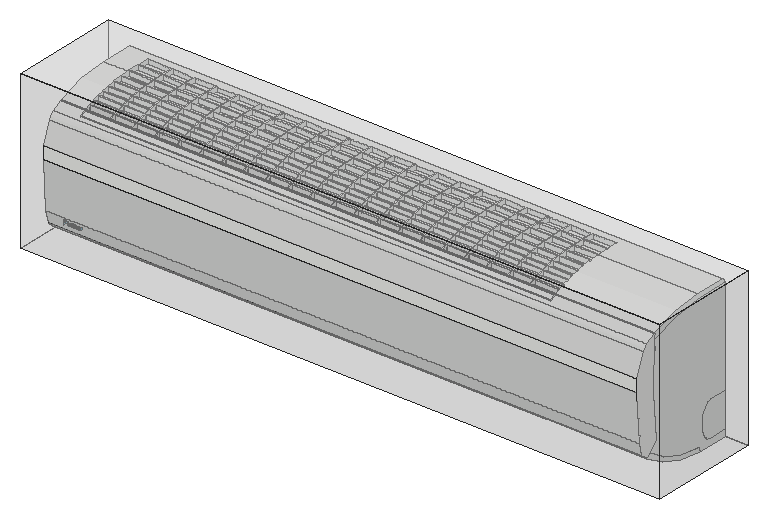
Revit family "outputfile", category 機械設備, Revit 2024 (continued)
Definition of nested family "DAIKIN_indoorunit_FTN-AXVL"
  Automatic sketch dimensions
    Extrusion 12 sketch curve to Extrusion 12 sketch curve = 0.041 mm
    Extrusion 12 sketch curve to Extrusion 12 sketch curve = 6.033 mm
    Extrusion 12 sketch curve to Extrusion 12 sketch curve = 3.351 mm
    Extrusion 12 sketch curve to Extrusion 12 sketch curve = 1.549 mm
    Extrusion 12 sketch curve to Extrusion 12 sketch curve = 4.774 mm
    Extrusion 12 sketch curve to Extrusion 12 sketch curve = 14.12 mm
    Extrusion 13 sketch curve to plane 1 "Center (Front/Back)" = 0.0 mm
    plane 1 "Center (Front/Back)" to Extrusion 13 sketch curve = 38.472 mm
    Extrusion 13 sketch curve to Extrusion 13 sketch curve = 38.472 mm
    Extrusion 13 sketch curve to Extrusion 13 sketch curve = 21.528 mm
    Extrusion 13 sketch curve to level = 220.545 mm
    Extrusion 13 sketch curve to Extrusion 13 sketch curve = 31.559 mm
    Extrusion 14 sketch curve to Extrusion 14 sketch curve = 0.0 mm  (x2)
    plane 9 to Extrusion 14 sketch curve = 27.694 mm
    Extrusion 14 sketch curve to Extrusion 14 sketch curve = 7.137 mm
    plane 1 "Center (Front/Back)" to Extrusion 14 sketch curve = 61.343 mm
    Extrusion 14 sketch curve to level = 155.0 mm
    Extrusion 14 sketch curve to plane 1 "Center (Front/Back)" = 1373.239 mm
    Extrusion 14 sketch curve to level = 252.348 mm
    Extrusion 14 sketch curve to Extrusion 14 sketch curve = 7.145 mm
    Extrusion 14 sketch curve to level = 59.961 mm
    plane 1 "Center (Front/Back)" to Extrusion 14 sketch curve = 70.942 mm
    Extrusion 15 sketch curve to Extrusion 15 sketch curve = 0.0 mm  (x2)
    plane 9 to Extrusion 15 sketch curve = 27.694 mm
    Extrusion 15 sketch curve to Extrusion 15 sketch curve = 7.137 mm
    plane 1 "Center (Front/Back)" to Extrusion 15 sketch curve = 61.343 mm
    Extrusion 15 sketch curve to level = 155.0 mm
    Extrusion 15 sketch curve to plane 1 "Center (Front/Back)" = 1373.239 mm
    Extrusion 15 sketch curve to level = 252.348 mm
    Extrusion 15 sketch curve to Extrusion 15 sketch curve = 7.145 mm
    Extrusion 15 sketch curve to level = 59.961 mm
    plane 1 "Center (Front/Back)" to Extrusion 15 sketch curve = 70.942 mm
    plane 4 to Extrusion 2 sketch curve = 52.5 mm  (x2)
    Extrusion 2 sketch curve to Extrusion 2 sketch curve = 0.0 mm  (x405)
    Extrusion 2 sketch curve to Extrusion 2 sketch curve = 53.2 mm  (x4)
    Extrusion 2 sketch curve to Extrusion 2 sketch curve = 2.0 mm  (x285)
    Extrusion 2 sketch curve to Extrusion 2 sketch curve = 46.0 mm  (x32)
    Extrusion 2 sketch curve to plane 3 "Center (Left/Right)" = 10.8 mm  (x5)
    plane 3 "Center (Left/Right)" to Extrusion 2 sketch curve = 37.2 mm
    plane 1 "Center (Front/Back)" to Extrusion 2 sketch curve = 23.017 mm  (x7)
    Extrusion 2 sketch curve to Extrusion 2 sketch curve = 24.5 mm  (x3)
    plane 1 "Center (Front/Back)" to Extrusion 2 sketch curve = 47.517 mm  (x6)
    Extrusion 2 sketch curve to Extrusion 2 sketch curve = 23.0 mm  (x10)
    Extrusion 2 sketch curve to Extrusion 2 sketch curve = 19.0 mm  (x11)
    Extrusion 2 sketch curve to Extrusion 2 sketch curve = 0.217 mm
    Extrusion 2 sketch curve to Extrusion 2 sketch curve = 1.783 mm
    Extrusion 2 sketch curve to Extrusion 2 sketch curve = 18.0 mm  (x11)
    Extrusion 2 sketch curve to Extrusion 2 sketch curve = 13.0 mm  (x12)
    Extrusion 2 sketch curve to Extrusion 2 sketch curve = 10.0 mm  (x32)
    Extrusion 2 sketch curve to Extrusion 2 sketch curve = 9.0 mm  (x12)
    plane 4 to Extrusion 5 sketch curve = 23.0 mm
    Extrusion 5 sketch curve to Extrusion 5 sketch curve = 21.528 mm  (x4)
    Extrusion 5 sketch curve to Extrusion 5 sketch curve = 31.559 mm  (x2)
    Extrusion 5 sketch curve to Extrusion 5 sketch curve = 38.472 mm
    plane 1 "Center (Front/Back)" to Extrusion 5 sketch curve = 0.0 mm  (x2)
    plane 5 to Extrusion 5 sketch curve = 31.5 mm
    plane 1 "Center (Front/Back)" to Extrusion 5 sketch curve = 38.472 mm
  Nested families
    nested 1: "daikin_logo_plane_w40" at (-556.283, -230.838, -226.857) x (1, 0, 0) z (0, -0.9839, -0.1786), type "daikin_logo_plane_w40"
      with show_logo yes
  Definition of nested family "daikin_logo_plane_w40"
    Parameters (values of type "daikin_logo_plane_w40")
      width = 40.0 mm
      show_logo [instance] = yes
      material = none
      height = 0.0 mm
      depth = 0.0 mm
      Default Elevation = 1219.2 mm
    Reference planes
      plane 1 "Center (Front/Back)": y = 0
      plane 2: z = 0
      plane 3 "Center (Left/Right)": x = 0
      plane 4: z = 2
      plane 5 "left": x = -19
      plane 6: x = 19
    Forms (mm)
      Extrusion 1, solid, visible <- "show_logo"
        sketch origin (-19, 0, 0) x (1, 0, 0) y (0, 1, 0)
          loop
            line (8.902, -1.878) -> (7.789, -6.332) -> (11.13, -6.332)
            arc (11.13, -6.332) -> (12.454, -6.064) -> (13.472, -5.176) r 2.642
            arc (13.472, -5.176) -> (13.92, -4.02) -> (13.767, -2.79) r 2.537
            arc (13.767, -2.79) -> (13.452, -2.342) -> (12.982, -2.06) r 1.321
            arc (12.982, -2.06) -> (12.063, -1.902) -> (11.13, -1.878) r 6.479
            line (11.13, -1.878) -> (8.902, -1.878)
          loop
            line (10.016, -5.441) -> (10.907, -5.441)
            arc (10.907, -5.441) -> (11.591, -4.983) -> (11.988, -4.261) r 1.742
            spline (11.988, -4.261) -> (12.01, -4.155) -> (12.027, -4.03) -> (12.037, -3.893) -> (12.037, -3.747) -> (12.026, -3.598) -> (12.002, -3.451) -> (11.962, -3.31) -> (11.905, -3.181) -> (11.829, -3.069) -> (11.731, -2.978) -> (11.61, -2.913) -> (11.464, -2.88)
            line (11.464, -2.88) -> (10.573, -2.88) -> (10.016, -5.441)
          loop
            line (13.58, -6.332) -> (14.805, -6.332) -> (15.223, -5.553) -> (16.977, -5.553) -> (17.144, -6.332) -> (19.149, -6.332) -> (18.258, -1.878) -> (16.03, -1.878) -> (13.58, -6.332)
          loop
            line (16.476, -3.214) -> (15.76, -4.551) -> (16.762, -4.551) -> (16.476, -3.214)
          loop
            line (19.705, -6.332) -> (21.599, -6.332) -> (22.712, -1.878) -> (20.819, -1.878) -> (19.705, -6.332)
          loop
            line (22.712, -6.332) -> (24.606, -6.332) -> (24.908, -5.122) -> (25.831, -6.332) -> (28.17, -6.332) -> (26.388, -3.994) -> (28.949, -1.878) -> (26.945, -1.878) -> (25.401, -3.153) -> (25.719, -1.878) -> (23.826, -1.878) -> (22.712, -6.332)
          loop
            line (29.84, -1.878) -> (28.615, -6.332) -> (30.62, -6.332) -> (31.734, -1.878) -> (29.84, -1.878)
          loop
            line (31.734, -6.332) -> (33.07, -6.332) -> (33.7, -3.814) -> (34.518, -6.332) -> (36.745, -6.332) -> (37.859, -1.878) -> (36.523, -1.878) -> (35.845, -4.589) -> (34.963, -1.878) -> (32.847, -1.878) -> (31.734, -6.332)
        from 0 to 2
      Extrusion 2, solid, visible <- "show_logo"
        sketch origin (-19, 0, 0) x (1, 0, 0) y (0, 1, 0)
          loop
            line (8.7, 0) -> (4.235, 0) -> (0, -3.879) -> (0, -8) -> (8.7, 0)
        from 0 to 2
      Extrusion 3, solid, visible <- "show_logo"
        sketch origin (-19, 0, 0) x (1, 0, 0) y (0, 1, 0)
          loop
            line (0, 0) -> (0, -3.879) -> (4.235, 0) -> (0, 0)
        from 0 to 2
    Dimensions and locks
      plane 4 to plane 2 = 2.0 mm
      equal spacing: plane 5 "left", plane 3 "Center (Left/Right)", plane 6
      locked: plane 5 "left" to plane 6 at 38
      aligned and locked: level to plane 2
      aligned and locked: Extrusion 3 to plane 1 "Center (Front/Back)"  (x2)
      aligned and locked: Extrusion 2 to plane 1 "Center (Front/Back)"  (x2)
      aligned and locked: plane 4 to Extrusion 1
      aligned and locked: plane 4 to Extrusion 3
      aligned and locked: plane 4 to Extrusion 2
      aligned and locked: Extrusion 3 to plane 5 "left"
      aligned and locked: Extrusion 2 to plane 5 "left"
    Automatic sketch dimensions
      Extrusion 1 sketch curve to Extrusion 1 sketch curve = 0.901 mm
      Extrusion 1 sketch curve to Extrusion 1 sketch curve = 1.559 mm
      Extrusion 1 sketch curve to Extrusion 1 sketch curve = 1.327 mm
      Extrusion 1 sketch curve to Extrusion 1 sketch curve = 2.145 mm
      Extrusion 1 sketch curve to Extrusion 1 sketch curve = 1.448 mm
      Extrusion 1 sketch curve to Extrusion 1 sketch curve = 2.116 mm
      Extrusion 1 sketch curve to Extrusion 1 sketch curve = 1.114 mm  (x4)
      Extrusion 1 sketch curve to Extrusion 1 sketch curve = 1.336 mm  (x2)
      plane 1 "Center (Front/Back)" to Extrusion 1 sketch curve = 1.878 mm  (x5)
      Extrusion 1 sketch curve to Extrusion 1 sketch curve = 1.893 mm  (x5)
      Extrusion 1 sketch curve to Extrusion 1 sketch curve = 0.891 mm  (x4)
      Extrusion 1 sketch curve to Extrusion 1 sketch curve = 2.005 mm  (x3)
      Extrusion 1 sketch curve to Extrusion 1 sketch curve = 0.445 mm  (x2)
      plane 1 "Center (Front/Back)" to Extrusion 1 sketch curve = 3.994 mm
      Extrusion 1 sketch curve to Extrusion 1 sketch curve = 0.557 mm  (x2)
      Extrusion 1 sketch curve to Extrusion 1 sketch curve = 2.339 mm  (x2)
      Extrusion 1 sketch curve to Extrusion 1 sketch curve = 1.225 mm  (x3)
      plane 1 "Center (Front/Back)" to Extrusion 1 sketch curve = 3.153 mm
      Extrusion 1 sketch curve to Extrusion 1 sketch curve = 0.987 mm
      plane 1 "Center (Front/Back)" to Extrusion 1 sketch curve = 5.122 mm
      Extrusion 1 sketch curve to Extrusion 1 sketch curve = 0.922 mm
      plane 1 "Center (Front/Back)" to Extrusion 1 sketch curve = 6.332 mm
      Extrusion 1 sketch curve to Extrusion 1 sketch curve = 2.562 mm
      plane 1 "Center (Front/Back)" to Extrusion 1 sketch curve = 5.553 mm
      Extrusion 1 sketch curve to Extrusion 1 sketch curve = 0.167 mm
      Extrusion 1 sketch curve to Extrusion 1 sketch curve = 0.215 mm
      plane 1 "Center (Front/Back)" to Extrusion 1 sketch curve = 3.214 mm
      Extrusion 1 sketch curve to Extrusion 1 sketch curve = 0.286 mm
      plane 1 "Center (Front/Back)" to Extrusion 1 sketch curve = 4.551 mm
      Extrusion 1 sketch curve to Extrusion 1 sketch curve = 1.002 mm
      Extrusion 1 sketch curve to Extrusion 1 sketch curve = 0.537 mm
      Extrusion 1 sketch curve to Extrusion 1 sketch curve = 0.418 mm
      Extrusion 1 sketch curve to Extrusion 1 sketch curve = 1.028 mm
      plane 1 "Center (Front/Back)" to Extrusion 1 sketch curve = 4.261 mm
      Extrusion 1 sketch curve to Extrusion 1 sketch curve = 0.563 mm
      plane 1 "Center (Front/Back)" to Extrusion 1 sketch curve = 2.88 mm
      Extrusion 1 sketch curve to Extrusion 1 sketch curve = 1.088 mm
      Extrusion 1 sketch curve to Extrusion 1 sketch curve = 2.152 mm
      Extrusion 1 sketch curve to Extrusion 1 sketch curve = 0.586 mm
      Extrusion 1 sketch curve to Extrusion 1 sketch curve = 0.118 mm
      Extrusion 1 sketch curve to Extrusion 1 sketch curve = 0.298 mm
      Extrusion 1 sketch curve to Extrusion 1 sketch curve = 0.334 mm
      Extrusion 1 sketch curve to Extrusion 1 sketch curve = 0.223 mm
      Extrusion 1 sketch curve to Extrusion 1 sketch curve = 0.266 mm
      Extrusion 1 sketch curve to Extrusion 1 sketch curve = 1.671 mm
      Extrusion 1 sketch curve to Extrusion 1 sketch curve = 2.227 mm
      Extrusion 1 sketch curve to Extrusion 1 sketch curve = 0.0 mm  (x7)
      Extrusion 1 sketch curve to Extrusion 1 sketch curve = 3.453 mm
      Extrusion 1 sketch curve to Extrusion 1 sketch curve = 2.017 mm
      Extrusion 1 sketch curve to Extrusion 1 sketch curve = 0.78 mm  (x2)
      Extrusion 1 sketch curve to Extrusion 1 sketch curve = 1.743 mm
      Extrusion 1 sketch curve to Extrusion 1 sketch curve = 0.775 mm
      Extrusion 1 sketch curve to Extrusion 1 sketch curve = 0.552 mm
      Extrusion 1 sketch curve to Extrusion 1 sketch curve = 0.014 mm
      Extrusion 1 sketch curve to Extrusion 1 sketch curve = 0.952 mm
      Extrusion 1 sketch curve to Extrusion 1 sketch curve = 1.215 mm
      Extrusion 1 sketch curve to Extrusion 1 sketch curve = 0.108 mm
      plane 1 "Center (Front/Back)" to Extrusion 2 sketch curve = 0.0 mm
      Extrusion 2 sketch curve to plane 3 "Center (Left/Right)" = 19.0 mm
      Extrusion 2 sketch curve to plane 3 "Center (Left/Right)" = 14.765 mm
      Extrusion 2 sketch curve to Extrusion 2 sketch curve = 4.465 mm
      plane 1 "Center (Front/Back)" to Extrusion 2 sketch curve = 3.879 mm
      Extrusion 2 sketch curve to Extrusion 2 sketch curve = 4.12 mm
      plane 1 "Center (Front/Back)" to Extrusion 3 sketch curve = 0.0 mm
      Extrusion 3 sketch curve to plane 3 "Center (Left/Right)" = 19.0 mm
      Extrusion 3 sketch curve to plane 3 "Center (Left/Right)" = 14.765 mm
      plane 1 "Center (Front/Back)" to Extrusion 3 sketch curve = 3.879 mm
      Extrusion 1 sketch curve to plane 3 "Center (Left/Right)" = 11.211 mm
      Extrusion 1 sketch curve to Extrusion 1 sketch curve = 1.782 mm
Definition of nested family "daikin_connector_rotate3"
  Parameters (values of type "daikin_connector_rotate3")
    show [instance] = yes
    radius [instance] = 10.0 mm
    length [instance] = 600.0 mm
    angle_horizontal [instance] = 60.00°
    angle_vertical [instance] = 90.00°
    Default Elevation = 1219.2 mm
  Reference planes
    plane 1 "Center (Front/Back)": y = 0
    plane 2: z = 0
    plane 3 "Center (Left/Right)": x = 0
  Dimensions and locks
    "angle_horizontal": angle plane 3 "Center (Left/Right)" to nested 1
    aligned and locked: level to plane 2
    aligned and locked: plane 1 "Center (Front/Back)" to nested 1  (x2)
    aligned and locked: plane 3 "Center (Left/Right)" to nested 1
  Nested families
    nested 1: "daikin_connector_rotate2" at (0, 0, 0) x (0.5, 0.866, 0) z (0, 0, 1), angle_vertical <- "angle_vertical", length <- "length", radius <- "radius", type "daikin_connector_rotate2"
      with radius 10.0 mm, length 600.0 mm, angle_vertical 90.00°
  Definition of nested family "daikin_connector_rotate2"
    Parameters (values of type "daikin_connector_rotate2")
      show_face = yes
      radius [instance] = 10.0 mm
      length [instance] = 600.0 mm
      d_surface = 10.0 mm
      angle_vertical [instance] = 90.00°
      Default Elevation = 0.0 mm
    Reference planes
      plane 1 "Center (Front/Back)": y = 0
      plane 2: z = 0
      plane 3 "Center (Left/Right)": x = 0
    Forms (mm)
      Extrusion 1, solid, visible <- "show_face"
        sketch origin (0, -600, 0) x (1, 0, 0) y (0, 0, 1)
          loop
            circle (0, 0) r 10
        from 0 to -10
    Lines and regions (mm)
      reference lines
        curve 1: line (0, 0, 0) -> (0, -600, 0)
      symbolic lines
        curve 2: circle (0, 0, 0) r 5 normal (0, 0, 1)
      model lines, visible <- "show_face"
        curve 3: line (0, 0, 0) -> (0, -600, 0)
    Dimensions and locks
      "length": curve 1 to curve 1
      "length": curve 3 to curve 3
      "d_surface": Extrusion 1 to Extrusion 1
      "radius": radius of Extrusion 1 sketch curve
      "angle_vertical": angle curve 1 to plane 1 "Center (Front/Back)"
      "angle_vertical": angle curve 3 to plane 1 "Center (Front/Back)"
      aligned and locked: level to plane 2
      aligned and locked: plane 1 "Center (Front/Back)" to curve 1
      aligned and locked: plane 2 to curve 1
      aligned and locked: plane 1 "Center (Front/Back)" to curve 2
      aligned and locked: plane 3 "Center (Left/Right)" to curve 2
      aligned and locked: plane 1 "Center (Front/Back)" to curve 3
      aligned and locked: plane 2 to curve 3
      aligned and locked: Extrusion 1 to Extrusion 1
    Automatic sketch dimensions
      Extrusion 1 sketch curve to level = 0.0 mm
      Extrusion 1 sketch curve to plane 3 "Center (Left/Right)" = 0.0 mm
      radius of curve 2 = 5.0 mm
